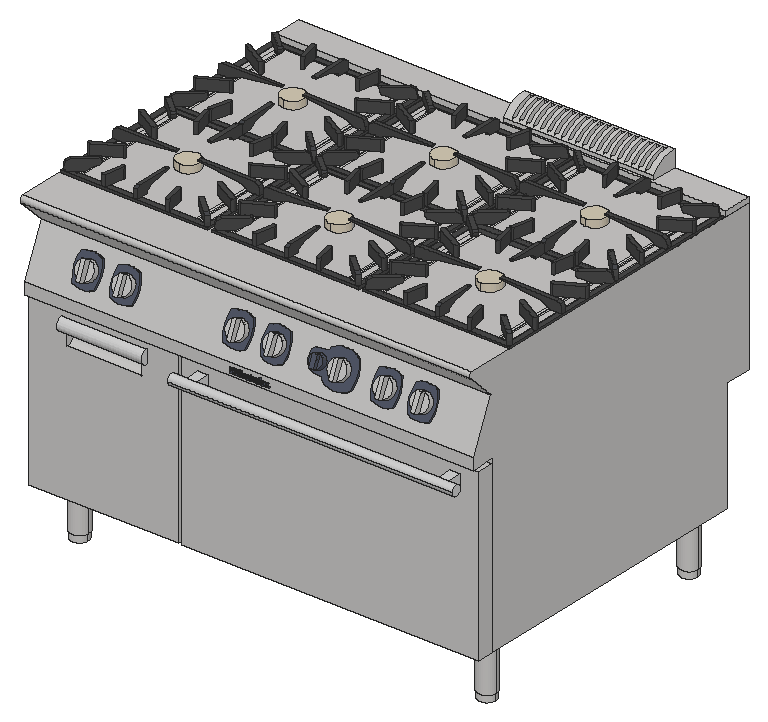
Revit family "QF_ELECTROLUXPROFESSIONAL_391462_E9AANABFMIE", category Attrezzature speciali, Revit 2018
Family settings
  Quota connettore circolare = Usa diametro
  Tipo di parte = Normale
  Basato su piano di lavoro = No
  Sempre verticale = Sì
  Taglio con vuoti quando caricato = No
  Condiviso = No
  Punto di calcolo locali = No
Parameters (values of type "Standard")
  Weight = 156.00 kg
  Watts = 0 W
  Volts = 0 V
  URL Manufacturer = "https://www.electroluxprofessional.com/"
  URL = "https://www.electroluxprofessional.com/"
  Steam Supply Size = 0"
  Steam Supply Minimum Pressure = 0.00 psi
  Steam Supply Maximum Pressure = 0.00 psi
  Steam Consumption per Hour = 0
  Show Logo [instance] = yes
  Show Clearance [instance] = yes
  Refrigeration Suction Line Size = 0 mm
  Refrigeration Liquid Line Size = 0 mm
  Refrigerant Compressor Remote = yes
  Phase = 0
  Modello = "E9AANABFMIE"
  Produttore = "Electrolux Professional"
  Length Actual = 1200 mm  # constant formula
  Item Number = "391462"
  Hot Water Size = 0"
  Height Actual = 850 mm  # constant formula
  HP = "0 HP"
  Gas Size = 1/2"
  Gas KW = 52.5
  Gas Input Pressure = 1.36309 Btu/h
  Direct Waste Size = 0"
  Descrizione = "6-BURNER GAS RANGE+OVEN+CUPBOARD 1200MM - 3MM WORKTOP"
  Depth Actual = 930 mm  # constant formula
  Cycle = 0 Hz
  Condensate Return Size = 0"
  Compressed Air Volume = 0 GPM
  Compressed Air Size = 0"
  Compressed Air Pressure = 0.00 psi
  Cold Water Size = 0"
  Assembly Code = ""
  Accessory = yes
Values of the unnamed type that differ from the named types
  Weight = 0.00 kg
  URL Manufacturer = ""
  Item Number = ""
  HP = ""
  Gas KW = 0
  Gas Input Pressure = 0.0 Btu/h
Reference planes
  plane 1 "BACK": y = 0
  plane 2: z = 0
  plane 3 "LEFT": x = 0
  plane 4 "RIGHT": x = 1200
  plane 5 "FRONT": y = -700
  plane 6 "TOP": z = 908.9
  plane 7 "Center Y": x = 600
  plane 8 "Center X": y = -350
  plane 9 "Base": z = 150
  plane 10: z = 850.9
  plane 11: y = -930
  plane 12: y = -1109
  plane 13: y = -128
  plane 14: y = -802
  plane 15: y = -1309
  plane 16: y = -665
Forms (mm)
  Extrusion 1, solid, material "QF_Finishes_Stainless Steel"
    sketch origin (0, 0, 0) x (0, 1, 0) y (0, 0, 1)
      loop
        line (0, 450) -> (0, 850.9) -> (-921.37, 850.9)
        arc (-921.37, 850.9) -> (-929.343, 845.573) -> (-927.472, 836.168) r 8.63
        line (-927.472, 836.168) -> (-858.266, 766.833) -> (-915.833, 641.476) -> (-915.833, 610.179) -> (-855.839, 614.875)
        arc (-855.839, 614.875) -> (-853.314, 614.127) -> (-852.222, 611.731) r 3.175
        line (-852.222, 611.731) -> (-852.222, 150) -> (-71, 150) -> (-71, 450) -> (0, 450)
    from 0 to 1200
  Extrusion 2, solid, material "QF_Finishes_Stainless Steel"
    sketch origin (0, -852.222, 611.731) x (0, 0, -1) y (1, 0, 0)
      loop
        line (461.731, 408.5) -> (461.731, 1200) -> (9.61, 1200) -> (9.61, 408.5) -> (461.731, 408.5)
      loop
        line (461.731, 0) -> (461.731, 400.5) -> (9.61, 400.5) -> (9.61, 0) -> (461.731, 0)
      loop
        line (95.781, 100.253) -> (95.781, 300.8) -> (44.981, 300.8) -> (44.981, 100.253) -> (95.781, 100.253)
    from 3.175 to 47.778
  Extrusion 3, solid, material "QF_Finishes_Stainless Steel"
    sketch origin (0, 0, 0) x (0, -1, 0) y (0, 0, 1)
      loop
        line (0, 850.9) -> (76.2, 850.9) -> (76.2, 865.188) -> (0, 865.188) -> (0, 850.9)
    from 0 to -1200
  Extrusion 4, solid, material "QF_Finishes_Stainless Steel"
    sketch origin (0, -852.222, 150) x (1, 0, 0) y (0, -1, 0)
      loop
        circle (1149, -187.222) r 6.4
    from 0 to 21
  Extrusion 5, solid, material "QF_Door-Drawer Clearances", visible <- "Show Clearance", detail levels coarse
    sketch origin (0, -200, 0) x (0, 1, 0) y (0, 0, 1)
      loop
        line (-1109, 150) -> (-700, 150) -> (-700, 601.405)
        arc (-700, 601.405) -> (-991.543, 454.568) -> (-1109, 150) r 453.603
    from 0 to 1200
  Extrusion 6, solid, material "QF_Clearances", visible <- "Show Clearance", detail levels coarse
    sketch origin (0, -200, 0) x (1, 0, 0) y (0, 1, 0)
      loop
        line (-100, -730) -> (0, -730) -> (0, 200) -> (1200, 200) -> (1200, -730) -> (1300, -730) -> (1300, 300) -> (-100, 300) -> (-100, -730)
    from 0 to 908.85
  Extrusion 7, solid, material "QF_Finishes_Handrails and Railings"
    sketch origin (400, -200, 0) x (0, 1, 0) y (0, 0, 1)
      loop
        line (-700, 580.001) -> (-738.549, 577.296)
        arc (-738.549, 577.296) -> (-739.742, 563.489) -> (-752.852, 558.993) r 12.7
        arc (-752.852, 558.993) -> (-752.311, 558.176) -> (-751.712, 557.401) r 13.441
        arc (-751.712, 557.401) -> (-749.907, 555.955) -> (-747.68, 555.335) r 5.77
        line (-747.68, 555.335) -> (-700, 551.992) -> (-700, 580.001)
    from 50.8 to 76.2
  Extrusion 8, solid, material "QF_Finishes_Handrails and Railings"
    sketch origin (1200, -200, 0) x (0, 1, 0) y (0, 0, -1)
      loop
        line (-700, -580.001) -> (-700, -551.992) -> (-747.68, -555.335)
        arc (-747.68, -555.335) -> (-749.907, -555.955) -> (-751.712, -557.401) r 5.77
        arc (-751.712, -557.401) -> (-752.311, -558.176) -> (-752.852, -558.993) r 13.441
        arc (-752.852, -558.993) -> (-739.742, -563.489) -> (-738.549, -577.296) r 12.7
        line (-738.549, -577.296) -> (-700, -580.001)
    from 50.8 to 76.2
  Extrusion 9, solid, material "QF_Finishes_Handrails and Railings"
    sketch origin (400, -200, 0) x (0, 1, 0) y (0, 0, 1)
      loop
        circle (-749.749, 571.309) r 12.7
    from 19.875 to 780.125
  Extrusion 10, solid, material "QF_Finishes_Handrails and Railings"
    sketch origin (177.525, -643.896, 1933.213) x (0, 0.885087, 0.465426) y (0, -0.465426, 0.885087)
      loop
        arc (-854.629, -1074.965) -> (-878.641, -1082.427) -> (-871.18, -1106.439) r 17.78
        line (-871.18, -1106.439) -> (-854.629, -1074.965)
    from -89.972 to 135.975
  Extrusion 11, solid, material "QF_Finishes_Stainless Steel"
    sketch origin (-22.5, -200, 28.959) x (0, 1, 0) y (0, 0, 1)
      loop
        line (-700, 486.991) -> (-657.087, 486.991) -> (-657.087, 537.791) -> (-678.147, 537.791) -> (-678.147, 511.464)
        arc (-678.147, 511.464) -> (-684.405, 495.059) -> (-700, 486.991) r 24.63
    from 122.753 to 323.3
  Extrusion 12, solid, material "QF_Finishes_Navy Blue"
    sketch origin (405.244, -913.772, 646.186) x (0, 0.418102, 0.9084) y (-1, 0, 0)
      loop
        arc (102.623, -510.47) -> (67.041, -502.846) -> (31.333, -509.853) r 90.5
        arc (31.333, -509.853) -> (24.507, -539.04) -> (31.333, -568.228) r 65.817
        arc (31.333, -568.228) -> (67.04, -575.188) -> (102.623, -567.615) r 91.066
        arc (102.623, -567.615) -> (109.179, -539.043) -> (102.623, -510.47) r 65.546
    from 0 to 3.175
  Extrusion 13, solid, material "QF_Finishes_Stainless Steel"
    sketch origin (783.994, -917.485, 645.711) x (0, 0.418102, 0.9084) y (-1, 0, 0)
      loop
        circle (68.826, -160.963) r 25.4
    from 0 to 12.7
  Extrusion 14, solid, material "QF_Finishes_Stainless Steel"
    sketch origin (783.994, -929.022, 651.021) x (0, 0.418102, 0.9084) y (-1, 0, 0)
      loop
        arc (93.558, -166.749) -> (94.226, -160.963) -> (93.558, -155.177) r 25.4
        line (93.558, -155.177) -> (44.094, -155.177)
        arc (44.094, -155.177) -> (43.426, -160.963) -> (44.094, -166.749) r 25.4
        line (44.094, -166.749) -> (93.558, -166.749)
    from 0 to 12.7
  Extrusion 15, solid, material "QF_Finishes_Navy Blue"
    sketch origin (282.787, -913.772, 646.186) x (0, 0.418102, 0.9084) y (-1, 0, 0)
      loop
        arc (104.355, -502.587) -> (101.326, -501.258) -> (98.25, -500.039) r 91.066
        arc (98.25, -500.039) -> (96.592, -482.449) -> (93.213, -465.107) r 179.528
        arc (93.213, -465.107) -> (69.244, -452.795) -> (45.274, -465.107) r 29.489
        arc (45.274, -465.107) -> (38.909, -481.441) -> (37.449, -498.912) r 61.044
        arc (37.449, -498.912) -> (34.471, -499.962) -> (31.532, -501.116) r 91.066
        arc (31.532, -501.116) -> (19.517, -540.223) -> (32.929, -578.873) r 65.817
        arc (32.929, -578.873) -> (68.105, -585.173) -> (102.996, -577.452) r 91.066
        arc (102.996, -577.452) -> (115.418, -540.233) -> (104.355, -502.587) r 65.546
    from 0 to 3.175
  Extrusion 16, solid, material "QF_Finishes_Stainless Steel"
    sketch origin (661.537, -917.485, 645.711) x (0, 0.418102, 0.9084) y (-1, 0, 0)
      loop
        circle (68.826, -160.963) r 25.4
    from 0 to 12.7
  Extrusion 17, solid, material "QF_Finishes_Stainless Steel"
    sketch origin (661.537, -929.022, 651.021) x (0, 0.418102, 0.9084) y (-1, 0, 0)
      loop
        arc (93.558, -166.749) -> (94.226, -160.963) -> (93.558, -155.177) r 25.4
        line (93.558, -155.177) -> (44.094, -155.177)
        arc (44.094, -155.177) -> (43.426, -160.963) -> (44.094, -166.749) r 25.4
        line (44.094, -166.749) -> (93.558, -166.749)
    from 0 to 12.7
  Extrusion 18, solid, material "QF_Finishes_Navy Blue"
    sketch origin (604.037, -917.485, 645.711) x (0, 0.418102, 0.9084) y (-1, 0, 0)
      loop
        circle (68.826, -160.963) r 18.37
    from 0 to 12.7
  Extrusion 19, solid, material "QF_Finishes_Navy Blue"
    sketch origin (602.746, -929.022, 651.021) x (0, 0.418102, 0.9084) y (-1, 0, 0)
      loop
        arc (84.808, -167.687) -> (85.476, -161.901) -> (84.808, -156.114) r 25.4
        line (84.808, -156.114) -> (52.844, -156.114)
        arc (52.844, -156.114) -> (52.176, -161.901) -> (52.844, -167.687) r 25.4
        line (52.844, -167.687) -> (84.808, -167.687)
    from 0 to 8.112
  Extrusion 20, solid, material "QF_Finishes_Navy Blue"
    sketch origin (-392.256, -913.772, 646.186) x (0, 0.418102, 0.9084) y (-1, 0, 0)
      loop
        arc (102.623, -510.47) -> (67.041, -502.846) -> (31.333, -509.853) r 90.5
        arc (31.333, -509.853) -> (24.507, -539.04) -> (31.333, -568.228) r 65.817
        arc (31.333, -568.228) -> (67.04, -575.188) -> (102.623, -567.615) r 91.066
        arc (102.623, -567.615) -> (109.179, -539.043) -> (102.623, -510.47) r 65.546
    from 0 to 3.175
  Extrusion 21, solid, material "QF_Finishes_Stainless Steel"
    sketch origin (-13.506, -917.485, 645.711) x (0, 0.418102, 0.9084) y (-1, 0, 0)
      loop
        circle (68.826, -160.963) r 25.4
    from 0 to 12.7
  Extrusion 22, solid, material "QF_Finishes_Stainless Steel"
    sketch origin (-13.506, -929.022, 651.021) x (0, 0.418102, 0.9084) y (-1, 0, 0)
      loop
        arc (93.558, -166.749) -> (94.226, -160.963) -> (93.558, -155.177) r 25.4
        line (93.558, -155.177) -> (44.094, -155.177)
        arc (44.094, -155.177) -> (43.426, -160.963) -> (44.094, -166.749) r 25.4
        line (44.094, -166.749) -> (93.558, -166.749)
    from 0 to 12.7
  Extrusion 23, solid, material "QF_Finishes_Navy Blue"
    sketch origin (-292.256, -913.772, 646.186) x (0, 0.418102, 0.9084) y (-1, 0, 0)
      loop
        arc (102.623, -510.47) -> (67.041, -502.846) -> (31.333, -509.853) r 90.5
        arc (31.333, -509.853) -> (24.507, -539.04) -> (31.333, -568.228) r 65.817
        arc (31.333, -568.228) -> (67.04, -575.188) -> (102.623, -567.615) r 91.066
        arc (102.623, -567.615) -> (109.179, -539.043) -> (102.623, -510.47) r 65.546
    from 0 to 3.175
  Extrusion 24, solid, material "QF_Finishes_Stainless Steel"
    sketch origin (86.494, -917.485, 645.711) x (0, 0.418102, 0.9084) y (-1, 0, 0)
      loop
        circle (68.826, -160.963) r 25.4
    from 0 to 12.7
  Extrusion 25, solid, material "QF_Finishes_Stainless Steel"
    sketch origin (86.494, -929.022, 651.021) x (0, 0.418102, 0.9084) y (-1, 0, 0)
      loop
        arc (93.558, -166.749) -> (94.226, -160.963) -> (93.558, -155.177) r 25.4
        line (93.558, -155.177) -> (44.094, -155.177)
        arc (44.094, -155.177) -> (43.426, -160.963) -> (44.094, -166.749) r 25.4
        line (44.094, -166.749) -> (93.558, -166.749)
    from 0 to 12.7
  Extrusion 26, solid, material "QF_Finishes_Stainless Steel"
    sketch origin (202.4, -200, 590.5) x (0, 1, 0) y (0, 0, 1)
      loop
        line (200, 274.688) -> (200, 318.4)
        arc (200, 318.4) -> (160.928, 309.779) -> (130.15, 284.212) r 84.854
        line (130.15, 284.212) -> (130.15, 274.688) -> (200, 274.688)
    from 400 to 800
  Extrusion 27, solid, material "QF_Finishes_Navy Blue"
    sketch origin (502.744, -913.772, 646.186) x (0, 0.418102, 0.9084) y (-1, 0, 0)
      loop
        arc (102.623, -510.47) -> (67.041, -502.846) -> (31.333, -509.853) r 90.5
        arc (31.333, -509.853) -> (24.507, -539.04) -> (31.333, -568.228) r 65.817
        arc (31.333, -568.228) -> (67.04, -575.188) -> (102.623, -567.615) r 91.066
        arc (102.623, -567.615) -> (109.179, -539.043) -> (102.623, -510.47) r 65.546
    from 0 to 3.175
  Extrusion 28, solid, material "QF_Finishes_Stainless Steel"
    sketch origin (881.494, -917.485, 645.711) x (0, 0.418102, 0.9084) y (-1, 0, 0)
      loop
        circle (68.826, -160.963) r 25.4
    from 0 to 12.7
  Extrusion 29, solid, material "QF_Finishes_Stainless Steel"
    sketch origin (881.494, -929.022, 651.021) x (0, 0.418102, 0.9084) y (-1, 0, 0)
      loop
        arc (93.558, -166.749) -> (94.226, -160.963) -> (93.558, -155.177) r 25.4
        line (93.558, -155.177) -> (44.094, -155.177)
        arc (44.094, -155.177) -> (43.426, -160.963) -> (44.094, -166.749) r 25.4
        line (44.094, -166.749) -> (93.558, -166.749)
    from 0 to 12.7
  Extrusion 30, solid, material "QF_Finishes_Navy Blue"
    sketch origin (10.244, -913.772, 646.186) x (0, 0.418102, 0.9084) y (-1, 0, 0)
      loop
        arc (102.623, -510.47) -> (67.041, -502.846) -> (31.333, -509.853) r 90.5
        arc (31.333, -509.853) -> (24.507, -539.04) -> (31.333, -568.228) r 65.817
        arc (31.333, -568.228) -> (67.04, -575.188) -> (102.623, -567.615) r 91.066
        arc (102.623, -567.615) -> (109.179, -539.043) -> (102.623, -510.47) r 65.546
    from 0 to 3.175
  Extrusion 31, solid, material "QF_Finishes_Stainless Steel"
    sketch origin (388.994, -917.485, 645.711) x (0, 0.418102, 0.9084) y (-1, 0, 0)
      loop
        circle (68.826, -160.963) r 25.4
    from 0 to 12.7
  Extrusion 32, solid, material "QF_Finishes_Stainless Steel"
    sketch origin (388.994, -929.022, 651.021) x (0, 0.418102, 0.9084) y (-1, 0, 0)
      loop
        arc (93.558, -166.749) -> (94.226, -160.963) -> (93.558, -155.177) r 25.4
        line (93.558, -155.177) -> (44.094, -155.177)
        arc (44.094, -155.177) -> (43.426, -160.963) -> (44.094, -166.749) r 25.4
        line (44.094, -166.749) -> (93.558, -166.749)
    from 0 to 12.7
  Extrusion 33, solid, material "QF_Finishes_Navy Blue"
    sketch origin (110.244, -913.772, 646.186) x (0, 0.418102, 0.9084) y (-1, 0, 0)
      loop
        arc (102.623, -510.47) -> (67.041, -502.846) -> (31.333, -509.853) r 90.5
        arc (31.333, -509.853) -> (24.507, -539.04) -> (31.333, -568.228) r 65.817
        arc (31.333, -568.228) -> (67.04, -575.188) -> (102.623, -567.615) r 91.066
        arc (102.623, -567.615) -> (109.179, -539.043) -> (102.623, -510.47) r 65.546
    from 0 to 3.175
  Extrusion 34, solid, material "QF_Finishes_Stainless Steel"
    sketch origin (488.994, -917.485, 645.711) x (0, 0.418102, 0.9084) y (-1, 0, 0)
      loop
        circle (68.826, -160.963) r 25.4
    from 0 to 12.7
  Extrusion 35, solid, material "QF_Finishes_Stainless Steel"
    sketch origin (488.994, -929.022, 651.021) x (0, 0.418102, 0.9084) y (-1, 0, 0)
      loop
        arc (93.558, -166.749) -> (94.226, -160.963) -> (93.558, -155.177) r 25.4
        line (93.558, -155.177) -> (44.094, -155.177)
        arc (44.094, -155.177) -> (43.426, -160.963) -> (44.094, -166.749) r 25.4
        line (44.094, -166.749) -> (93.558, -166.749)
    from 0 to 12.7
  Extrusion 36, solid, material "QF_Finishes_Navy Blue", visible <- "Show Logo"
    sketch origin (261.109, -915.962, 610.773) x (0, 0, 1) y (-1, 0, 0)
      loop
        line (20.674, -296.698) -> (8.307, -296.698)
        arc (8.307, -296.698) -> (14.491, -301.27) -> (20.674, -296.698) r 6.467
      loop
        arc (20.674, -296.069) -> (19.505, -290.926) -> (14.849, -288.448) r 6.338
        line (14.849, -288.448) -> (14.849, -290.494)
        arc (14.849, -290.494) -> (16.333, -294.149) -> (19.778, -296.069) r 5.941
        line (19.778, -296.069) -> (20.674, -296.069)
      loop
        arc (9.203, -296.069) -> (12.648, -294.149) -> (14.132, -290.494) r 5.941
        line (14.132, -290.494) -> (14.132, -288.448)
        arc (14.132, -288.448) -> (9.438, -290.922) -> (8.148, -296.069) r 6.504
        line (8.148, -296.069) -> (9.203, -296.069)
      loop
        line (21.349, -287.979) -> (7.604, -287.979) -> (7.604, -301.742) -> (21.349, -301.742) -> (21.349, -287.979)
      loop
        arc (21.432, -304.71) -> (21.085, -304.352) -> (20.718, -304.69) r 0.358
        arc (20.718, -304.69) -> (20.404, -305.44) -> (19.687, -305.825) r 1.216
        line (19.687, -305.825) -> (9.274, -305.825)
        arc (9.274, -305.825) -> (8.614, -305.548) -> (8.218, -304.951) r 1.238
        arc (8.218, -304.951) -> (7.823, -304.7) -> (7.518, -305.054) r 0.358
        line (7.518, -305.054) -> (7.518, -314.933) -> (10.269, -314.933) -> (10.269, -314.036)
        arc (10.269, -314.036) -> (9.36, -313.456) -> (8.904, -312.479) r 1.928
        line (8.904, -312.479) -> (8.904, -309.98)
        arc (8.904, -309.98) -> (9.18, -309.251) -> (9.868, -308.887) r 1.101
        line (9.868, -308.887) -> (13.955, -308.887) -> (13.955, -312.561)
        arc (13.955, -312.561) -> (13.602, -313.058) -> (13.037, -313.286) r 1.083
        arc (13.037, -313.286) -> (12.773, -313.591) -> (13.065, -313.869) r 0.292
        line (13.065, -313.869) -> (16.028, -313.869)
        arc (16.028, -313.869) -> (16.33, -313.596) -> (16.092, -313.266) r 0.305
        arc (16.092, -313.266) -> (15.601, -313.018) -> (15.296, -312.561) r 1.083
        line (15.296, -312.561) -> (15.296, -308.887) -> (19.973, -308.887) -> (19.973, -312.635)
        arc (19.973, -312.635) -> (19.759, -313.39) -> (19.153, -313.888) r 1.314
        arc (19.153, -313.888) -> (18.934, -314.292) -> (19.288, -314.585) r 0.361
        line (19.288, -314.585) -> (21.432, -314.585) -> (21.432, -304.71)
      loop
        arc (20.715, -315.365) -> (20.335, -316.284) -> (19.416, -316.664) r 1.299
        line (19.416, -316.664) -> (9.837, -316.664)
        arc (9.837, -316.664) -> (8.999, -316.286) -> (8.728, -315.408) r 1.118
        line (8.728, -315.408) -> (7.518, -315.408) -> (7.518, -320.758) -> (8.706, -320.758)
        arc (8.706, -320.758) -> (8.978, -319.841) -> (9.848, -319.445) r 1.153
        line (9.848, -319.445) -> (21.92, -319.445) -> (20.715, -315.365)
      loop
        line (12.483, -323.394) -> (12.483, -329.842) -> (13.282, -329.842)
        arc (13.282, -329.842) -> (15.862, -328.857) -> (17.131, -326.404) r 3.874
        line (17.131, -326.404) -> (17.131, -324.643)
        arc (17.131, -324.643) -> (15.944, -321.778) -> (13.08, -320.592) r 4.051
        line (13.08, -320.592) -> (11.072, -320.592)
        arc (11.072, -320.592) -> (8.253, -322.077) -> (7.202, -325.084) r 4.352
        arc (7.202, -325.084) -> (7.566, -327.547) -> (8.943, -329.621) r 5.713
        line (8.943, -329.621) -> (9.892, -329.621)
        arc (9.892, -329.621) -> (9.16, -328.052) -> (8.943, -326.334) r 5.579
        arc (8.943, -326.334) -> (9.737, -324.371) -> (11.616, -323.394) r 3.057
        line (11.616, -323.394) -> (12.483, -323.394)
      loop
        line (13.742, -323.394) -> (13.742, -326.977)
        arc (13.742, -326.977) -> (15.199, -327.024) -> (16.082, -325.864) r 1.59
        line (16.082, -325.864) -> (16.082, -325.034)
        arc (16.082, -325.034) -> (15.217, -323.779) -> (13.742, -323.394) r 2.184
      loop
        arc (16.533, -339.259) -> (17.022, -337.585) -> (17.179, -335.848) r 9.023
        line (17.179, -335.848) -> (17.179, -334.486)
        arc (17.179, -334.486) -> (16.02, -331.686) -> (13.22, -330.527) r 3.959
        line (13.22, -330.527) -> (10.62, -330.527)
        arc (10.62, -330.527) -> (8.338, -331.819) -> (7.221, -334.192) r 4.331
        line (7.221, -334.192) -> (7.221, -336.327)
        arc (7.221, -336.327) -> (7.729, -337.877) -> (8.651, -339.223) r 5.772
        arc (8.651, -339.223) -> (9.412, -339.274) -> (9.499, -338.515) r 0.553
        arc (9.499, -338.515) -> (9.111, -337.781) -> (8.977, -336.962) r 2.573
        line (8.977, -336.962) -> (8.977, -335.447)
        arc (8.977, -335.447) -> (9.983, -333.806) -> (11.798, -333.163) r 2.884
        line (11.798, -333.163) -> (13.077, -333.163)
        arc (13.077, -333.163) -> (14.898, -333.723) -> (15.824, -335.388) r 2.554
        line (15.824, -335.388) -> (15.824, -336.441)
        arc (15.824, -336.441) -> (15.493, -337.369) -> (14.836, -338.104) r 2.564
        arc (14.836, -338.104) -> (14.614, -338.821) -> (15.223, -339.259) r 0.643
        line (15.223, -339.259) -> (16.533, -339.259)
      loop
        line (15.515, -339.53) -> (15.515, -341.031) -> (9.467, -341.031)
        arc (9.467, -341.031) -> (7.879, -341.688) -> (7.221, -343.276) r 2.246
        line (7.221, -343.276) -> (7.221, -344.86)
        arc (7.221, -344.86) -> (7.535, -345.725) -> (8.035, -346.496) r 4.06
        arc (8.035, -346.496) -> (8.768, -346.629) -> (9.019, -345.928) r 0.576
        arc (9.019, -345.928) -> (8.913, -345.403) -> (8.977, -344.87) r 1.69
        arc (8.977, -344.87) -> (9.519, -344.082) -> (10.425, -343.779) r 1.506
        line (10.425, -343.779) -> (15.563, -343.779) -> (15.563, -346.176) -> (16.119, -346.733) -> (16.941, -346.733) -> (16.941, -343.873) -> (20.172, -343.873) -> (15.515, -339.53)
      loop
        line (7.438, -347.63) -> (7.438, -353.017) -> (8.548, -353.017)
        arc (8.548, -353.017) -> (8.942, -352.066) -> (9.893, -351.672) r 1.345
        line (9.893, -351.672) -> (13.509, -351.672)
        arc (13.509, -351.672) -> (14.274, -352.264) -> (14.564, -353.186) r 1.615
        line (14.564, -353.186) -> (14.564, -354.742) -> (17.119, -355.427) -> (17.119, -354.044) -> (15.177, -351.485) -> (17.057, -351.485) -> (16.773, -348.779)
        arc (16.773, -348.779) -> (16.333, -348.249) -> (15.674, -348.45) r 0.621
        arc (15.674, -348.45) -> (15.274, -348.792) -> (14.78, -348.975) r 1.501
        line (14.78, -348.975) -> (9.893, -348.975)
        arc (9.893, -348.975) -> (8.942, -348.581) -> (8.548, -347.63) r 1.345
        line (8.548, -347.63) -> (7.438, -347.63)
      loop
        line (13.54, -354.964) -> (10.848, -354.964)
        arc (10.848, -354.964) -> (8.403, -356.272) -> (7.269, -358.803) r 4.288
        arc (7.269, -358.803) -> (7.205, -360.183) -> (7.269, -361.563) r 15.022
        arc (7.269, -361.563) -> (8.403, -364.094) -> (10.848, -365.401) r 4.288
        line (10.848, -365.401) -> (13.54, -365.401)
        arc (13.54, -365.401) -> (15.986, -364.094) -> (17.119, -361.563) r 4.288
        arc (17.119, -361.563) -> (17.183, -360.183) -> (17.119, -358.803) r 15.022
        arc (17.119, -358.803) -> (15.986, -356.272) -> (13.54, -354.964) r 4.288
      loop
        line (13.745, -358.078) -> (10.643, -358.078)
        arc (10.643, -358.078) -> (8.486, -360.235) -> (10.643, -362.392) r 2.157
        line (10.643, -362.392) -> (13.745, -362.392)
        arc (13.745, -362.392) -> (15.902, -360.235) -> (13.745, -358.078) r 2.157
      loop
        arc (20.726, -365.26) -> (20.355, -366.154) -> (19.461, -366.524) r 1.264
        line (19.461, -366.524) -> (9.597, -366.524)
        arc (9.597, -366.524) -> (8.727, -366.127) -> (8.455, -365.211) r 1.153
        line (8.455, -365.211) -> (7.518, -365.211) -> (7.518, -370.319) -> (8.446, -370.319)
        arc (8.446, -370.319) -> (8.805, -369.547) -> (9.597, -369.232) r 1.153
        line (9.597, -369.232) -> (21.92, -369.232) -> (20.726, -365.26)
      loop
        arc (15.846, -369.857) -> (15.647, -370.921) -> (14.678, -371.403) r 1.215
        line (14.678, -371.403) -> (9.658, -371.403)
        arc (9.658, -371.403) -> (8.043, -372.051) -> (7.322, -373.634) r 2.338
        line (7.322, -373.634) -> (7.322, -375.148)
        arc (7.322, -375.148) -> (7.497, -376.152) -> (7.999, -377.038) r 2.979
        line (7.999, -377.038) -> (7.518, -378.835) -> (7.518, -380.524) -> (16.943, -380.524) -> (16.649, -376.32) -> (15.863, -376.32)
        arc (15.863, -376.32) -> (15.507, -377.156) -> (14.755, -377.665) r 1.605
        line (14.755, -377.665) -> (9.652, -377.665)
        arc (9.652, -377.665) -> (9.232, -376.728) -> (9.159, -375.704) r 2.94
        arc (9.159, -375.704) -> (9.72, -374.603) -> (10.873, -374.16) r 1.724
        line (10.873, -374.16) -> (17.07, -374.16) -> (15.846, -369.857)
      loop
        line (16.874, -381.377) -> (15.202, -383.423) -> (12.028, -385.729) -> (8.572, -382.617)
        arc (8.572, -382.617) -> (8.335, -382.223) -> (8.357, -381.764) r 0.789
        line (8.357, -381.764) -> (7.518, -381.764) -> (7.518, -385.309) -> (8.344, -385.309)
        arc (8.344, -385.309) -> (8.686, -384.947) -> (9.176, -385.039) r 0.52
        line (9.176, -385.039) -> (10.976, -386.51) -> (8.858, -387.886)
        arc (8.858, -387.886) -> (8.457, -387.576) -> (8.37, -387.076) r 0.7
        line (8.37, -387.076) -> (7.518, -387.076) -> (7.518, -393.003) -> (8.405, -393.003)
        arc (8.405, -393.003) -> (8.472, -392.344) -> (8.866, -391.813) r 1.247
        line (8.866, -391.813) -> (13.066, -388.532) -> (15.513, -390.585) -> (16.874, -392.327) -> (16.874, -388.604) -> (15.389, -389.026) -> (13.868, -387.749) -> (15.568, -386.559) -> (16.874, -387.336) -> (16.874, -381.377)
    from 0 to 1.644
  Revolve 37, solid, material "QF_Finishes_Stainless Steel"
    sketch origin (1, -128, 0) x (1, 0, 0) y (0, 0, 1)
      loop
        line (55, 0) -> (55, 150) -> (29.6, 150) -> (29.6, 19.05) -> (32.1, 19.05) -> (32.1, 0) -> (55, 0)
      axis (55, 0) -> (55, 150)
    angle from 0 to 360
  Revolve 38, solid, material "QF_Finishes_Stainless Steel"
    sketch origin (799, -128, 0) x (-1, 0, 0) y (0, 0, -1)
      loop
        line (-345, 0) -> (-367.9, 0) -> (-367.9, -19.05) -> (-370.4, -19.05) -> (-370.4, -150) -> (-345, -150) -> (-345, 0)
      axis (-345, 0) -> (-345, -150)
    angle from 0 to 360
  Revolve 39, solid, material "QF_Finishes_Stainless Steel"
    sketch origin (1, -802, 0) x (1, 0, 0) y (0, 0, 1)
      loop
        line (55, 0) -> (55, 150) -> (29.6, 150) -> (29.6, 19.05) -> (32.1, 19.05) -> (32.1, 0) -> (55, 0)
      axis (55, 0) -> (55, 150)
    angle from 0 to 360
  Revolve 40, solid, material "QF_Finishes_Stainless Steel"
    sketch origin (799, -802, 0) x (-1, 0, 0) y (0, 0, -1)
      loop
        line (-345, 0) -> (-367.9, 0) -> (-367.9, -19.05) -> (-370.4, -19.05) -> (-370.4, -150) -> (-345, -150) -> (-345, 0)
      axis (-345, 0) -> (-345, -150)
    angle from 0 to 360
  Extrusion 41, solid, material "QF_Finishes_Stainless Steel"
    sketch origin (0, -852.222, 150) x (1, 0, 0) y (0, -1, 0)
      loop
        circle (1157, -276.222) r 12.7
    from 0 to 5
  Extrusion 42, void
    sketch origin (-62.611, 0, 865.138) x (-1, 0, 0) y (0, -1, 0)
      loop
        line (-695.005, 6.761) -> (-685.709, 6.761) -> (-685.709, 63.911) -> (-695.005, 63.911) -> (-695.005, 6.761)
      loop
        line (-713.697, 6.761) -> (-704.401, 6.761) -> (-704.401, 63.911) -> (-713.697, 63.911) -> (-713.697, 6.761)
      loop
        line (-732.39, 6.761) -> (-723.094, 6.761) -> (-723.094, 63.911) -> (-732.39, 63.911) -> (-732.39, 6.761)
      loop
        line (-751.082, 6.761) -> (-741.787, 6.761) -> (-741.787, 63.911) -> (-751.082, 63.911) -> (-751.082, 6.761)
      loop
        line (-769.775, 6.761) -> (-760.479, 6.761) -> (-760.479, 63.911) -> (-769.775, 63.911) -> (-769.775, 6.761)
      loop
        line (-788.468, 6.761) -> (-779.172, 6.761) -> (-779.172, 63.911) -> (-788.468, 63.911) -> (-788.468, 6.761)
      loop
        line (-807.16, 6.761) -> (-797.864, 6.761) -> (-797.864, 63.911) -> (-807.16, 63.911) -> (-807.16, 6.761)
      loop
        line (-825.853, 6.761) -> (-816.557, 6.761) -> (-816.557, 63.911) -> (-825.853, 63.911) -> (-825.853, 6.761)
      loop
        line (-844.545, 6.761) -> (-835.25, 6.761) -> (-835.25, 63.911) -> (-844.545, 63.911) -> (-844.545, 6.761)
      loop
        line (-863.238, 6.761) -> (-853.942, 6.761) -> (-853.942, 63.911) -> (-863.238, 63.911) -> (-863.238, 6.761)
      loop
        line (-881.931, 6.761) -> (-872.635, 6.761) -> (-872.635, 63.911) -> (-881.931, 63.911) -> (-881.931, 6.761)
      loop
        line (-900.623, 6.761) -> (-891.328, 6.761) -> (-891.328, 63.911) -> (-900.623, 63.911) -> (-900.623, 6.761)
      loop
        line (-919.316, 6.761) -> (-910.02, 6.761) -> (-910.02, 63.911) -> (-919.316, 63.911) -> (-919.316, 6.761)
      loop
        line (-938.008, 6.761) -> (-928.713, 6.761) -> (-928.713, 63.911) -> (-938.008, 63.911) -> (-938.008, 6.761)
      loop
        line (-956.701, 6.761) -> (-947.405, 6.761) -> (-947.405, 63.911) -> (-956.701, 63.911) -> (-956.701, 6.761)
      loop
        line (-975.394, 6.761) -> (-966.098, 6.761) -> (-966.098, 63.911) -> (-975.394, 63.911) -> (-975.394, 6.761)
      loop
        line (-994.086, 6.761) -> (-984.791, 6.761) -> (-984.791, 63.911) -> (-994.086, 63.911) -> (-994.086, 6.761)
      loop
        line (-1012.779, 6.761) -> (-1003.483, 6.761) -> (-1003.483, 63.911) -> (-1012.779, 63.911) -> (-1012.779, 6.761)
      loop
        line (-1031.472, 6.761) -> (-1022.176, 6.761) -> (-1022.176, 63.911) -> (-1031.472, 63.911) -> (-1031.472, 6.761)
      loop
        line (-1050.164, 6.761) -> (-1040.868, 6.761) -> (-1040.868, 63.911) -> (-1050.164, 63.911) -> (-1050.164, 6.761)
    from 9.525 to 45.348
Cuts and joins
  Extrusion 42 cuts Extrusion 26
Lines and regions (mm)
  symbolic lines, style "QF_Door-Drawer Clearances"
    curve 1: line (0, -930, 150) -> (0, -1309, 150)
    curve 2: line (0, -1309, 150) -> (1200, -1309, 150)
    curve 3: line (1200, -1309, 150) -> (1200, -930, 150)
  symbolic lines
    curve 4: line (1200, -930, 150) -> (0, -930, 150)
    curve 5: line (0, 0, 150) -> (0, -930, 150)
    curve 6: line (1200, -930, 150) -> (1200, 0, 150)
    curve 7: line (0, 0, 150) -> (1200, 0, 150)
    curve 11: line (1180.125, -962.449, 150) -> (419.875, -962.449, 150)
    curve 12: line (1180.125, -937.049, 150) -> (1180.125, -962.449, 150)
    curve 13: line (1149.2, -938.549, 150) -> (1149.2, -930, 150)
    curve 14: line (1123.8, -938.549, 150) -> (1123.8, -930, 150)
    curve 15: line (1123.8, -938.549, 150) -> (1149.2, -938.549, 150)
    curve 16: line (419.875, -937.049, 150) -> (450.8, -937.049, 150)
    curve 17: line (1149.2, -937.049, 150) -> (1180.125, -937.049, 150)
    curve 18: line (632.394, -6.761, 150) -> (632.394, -63.911, 150)
    curve 19: line (632.394, -63.911, 150) -> (623.098, -63.911, 150)
    curve 20: line (623.098, -63.911, 150) -> (623.098, -6.761, 150)
    curve 21: line (623.098, -6.761, 150) -> (632.394, -6.761, 150)
    curve 22: line (838.012, -6.761, 150) -> (838.012, -63.911, 150)
    curve 23: line (838.012, -63.911, 150) -> (828.717, -63.911, 150)
    curve 24: line (828.717, -63.911, 150) -> (828.717, -6.761, 150)
    curve 25: line (828.717, -6.761, 150) -> (838.012, -6.761, 150)
    curve 26: line (819.32, -6.761, 150) -> (819.32, -63.911, 150)
    curve 27: line (819.32, -63.911, 150) -> (810.024, -63.911, 150)
    curve 28: line (810.024, -63.911, 150) -> (810.024, -6.761, 150)
    curve 29: line (810.024, -6.761, 150) -> (819.32, -6.761, 150)
    curve 30: line (800.627, -6.761, 150) -> (800.627, -63.911, 150)
    curve 31: line (800.627, -63.911, 150) -> (791.331, -63.911, 150)
    curve 32: line (791.331, -63.911, 150) -> (791.331, -6.761, 150)
    curve 33: line (791.331, -6.761, 150) -> (800.627, -6.761, 150)
    curve 34: line (781.934, -6.761, 150) -> (781.934, -63.911, 150)
    curve 35: line (781.934, -63.911, 150) -> (772.639, -63.911, 150)
    curve 36: line (772.639, -63.911, 150) -> (772.639, -6.761, 150)
    curve 37: line (772.639, -6.761, 150) -> (781.934, -6.761, 150)
    curve 38: line (763.242, -6.761, 150) -> (763.242, -63.911, 150)
    curve 39: line (763.242, -63.911, 150) -> (753.946, -63.911, 150)
    curve 40: line (753.946, -63.911, 150) -> (753.946, -6.761, 150)
    curve 41: line (753.946, -6.761, 150) -> (763.242, -6.761, 150)
    curve 42: line (744.549, -6.761, 150) -> (744.549, -63.911, 150)
    curve 43: line (744.549, -63.911, 150) -> (735.253, -63.911, 150)
    curve 44: line (735.253, -63.911, 150) -> (735.253, -6.761, 150)
    curve 45: line (735.253, -6.761, 150) -> (744.549, -6.761, 150)
    curve 46: line (725.857, -6.761, 150) -> (725.857, -63.911, 150)
    curve 47: line (725.857, -63.911, 150) -> (716.561, -63.911, 150)
    curve 48: line (716.561, -63.911, 150) -> (716.561, -6.761, 150)
    curve 49: line (716.561, -6.761, 150) -> (725.857, -6.761, 150)
    curve 50: line (707.164, -6.761, 150) -> (707.164, -63.911, 150)
    curve 51: line (707.164, -63.911, 150) -> (697.868, -63.911, 150)
    curve 52: line (697.868, -63.911, 150) -> (697.868, -6.761, 150)
    curve 53: line (697.868, -6.761, 150) -> (707.164, -6.761, 150)
    curve 54: line (688.471, -6.761, 150) -> (688.471, -63.911, 150)
    curve 55: line (688.471, -63.911, 150) -> (679.176, -63.911, 150)
    curve 56: line (679.176, -63.911, 150) -> (679.176, -6.761, 150)
    curve 57: line (679.176, -6.761, 150) -> (688.471, -6.761, 150)
    curve 58: line (669.779, -6.761, 150) -> (669.779, -63.911, 150)
    curve 59: line (669.779, -63.911, 150) -> (660.483, -63.911, 150)
    curve 60: line (660.483, -63.911, 150) -> (660.483, -6.761, 150)
    curve 61: line (660.483, -6.761, 150) -> (669.779, -6.761, 150)
    curve 62: line (651.086, -6.761, 150) -> (651.086, -63.911, 150)
    curve 63: line (651.086, -63.911, 150) -> (641.79, -63.911, 150)
    curve 64: line (641.79, -63.911, 150) -> (641.79, -6.761, 150)
    curve 65: line (641.79, -6.761, 150) -> (651.086, -6.761, 150)
    curve 66: line (987.553, -6.761, 150) -> (987.553, -63.911, 150)
    curve 67: line (987.553, -63.911, 150) -> (978.257, -63.911, 150)
    curve 68: line (978.257, -63.911, 150) -> (978.257, -6.761, 150)
    curve 69: line (978.257, -6.761, 150) -> (987.553, -6.761, 150)
    curve 70: line (968.861, -6.761, 150) -> (968.861, -63.911, 150)
    curve 71: line (968.861, -63.911, 150) -> (959.565, -63.911, 150)
    curve 72: line (959.565, -63.911, 150) -> (959.565, -6.761, 150)
    curve 73: line (959.565, -6.761, 150) -> (968.861, -6.761, 150)
    curve 74: line (950.168, -6.761, 150) -> (950.168, -63.911, 150)
    curve 75: line (950.168, -63.911, 150) -> (940.872, -63.911, 150)
    curve 76: line (940.872, -63.911, 150) -> (940.872, -6.761, 150)
    curve 77: line (940.872, -6.761, 150) -> (950.168, -6.761, 150)
    curve 78: line (931.475, -6.761, 150) -> (931.475, -63.911, 150)
    curve 79: line (931.475, -63.911, 150) -> (922.18, -63.911, 150)
    curve 80: line (922.18, -63.911, 150) -> (922.18, -6.761, 150)
    curve 81: line (922.18, -6.761, 150) -> (931.475, -6.761, 150)
    curve 82: line (912.783, -6.761, 150) -> (912.783, -63.911, 150)
    curve 83: line (912.783, -63.911, 150) -> (903.487, -63.911, 150)
    curve 84: line (903.487, -63.911, 150) -> (903.487, -6.761, 150)
    curve 85: line (903.487, -6.761, 150) -> (912.783, -6.761, 150)
    curve 86: line (894.09, -6.761, 150) -> (894.09, -63.911, 150)
    curve 87: line (894.09, -63.911, 150) -> (884.794, -63.911, 150)
    curve 88: line (884.794, -63.911, 150) -> (884.794, -6.761, 150)
    curve 89: line (884.794, -6.761, 150) -> (894.09, -6.761, 150)
    curve 90: line (875.397, -6.761, 150) -> (875.397, -63.911, 150)
    curve 91: line (875.397, -63.911, 150) -> (866.102, -63.911, 150)
    curve 92: line (866.102, -63.911, 150) -> (866.102, -6.761, 150)
    curve 93: line (866.102, -6.761, 150) -> (875.397, -6.761, 150)
    curve 94: line (856.705, -6.761, 150) -> (856.705, -63.911, 150)
    curve 95: line (856.705, -63.911, 150) -> (847.409, -63.911, 150)
    curve 96: line (847.409, -63.911, 150) -> (847.409, -6.761, 150)
    curve 97: line (847.409, -6.761, 150) -> (856.705, -6.761, 150)
    curve 98: line (1002.4, -69.85, 150) -> (1002.4, 0, 150)
    curve 99: line (602.4, -69.85, 150) -> (602.4, 0, 150)
    curve 100: line (450.8, -938.549, 150) -> (450.8, -930, 150)
    curve 101: line (476.2, -930, 150) -> (476.2, -938.549, 150)
    curve 102: line (419.875, -937.049, 150) -> (450.8, -937.049, 150)
    curve 103: line (419.875, -962.449, 150) -> (419.875, -937.049, 150)
    curve 104: line (450.8, -938.549, 150) -> (476.2, -938.549, 150)
    curve 105: line (476.2, -937.049, 150) -> (1123.8, -937.049, 150)
    curve 106: line (602.4, -69.85, 0) -> (1002.4, -69.85, 0)
    curve 107: line (0, -76.2, 0) -> (1200, -76.2, 0)
  symbolic lines, style "QF_Clearances", visible <- "Show Clearance", detail levels coarse
    curve 8: line (-100, -930, 150) -> (-100, 100, 150)
    curve 9: line (-100, 100, 150) -> (1300, 100, 150)
    curve 10: line (1300, 100, 150) -> (1300, -930, 150)
Dimensions and locks
  equal spacing: plane 3 "LEFT", plane 7 "Center Y", plane 4 "RIGHT"
  plane 3 "LEFT" to plane 4 "RIGHT" = 1200 mm
  equal spacing: plane 5 "FRONT", plane 8 "Center X", plane 1 "BACK"
  plane 11 to plane 1 "BACK" = 930 mm  (x2)
  plane 6 "TOP" to level = 908.9 mm
  plane 9 "Base" to level = 150 mm
  plane 6 "TOP" to plane 10 = 58 mm  (x3)
  plane 1 "BACK" to plane 11 = 930 mm
  plane 1 "BACK" to plane 12 = 1109 mm
  locked: Extrusion 1 sketch curve to plane 1 "BACK" at 71
  plane 13 to plane 1 "BACK" = 128 mm
  plane 9 "Base" to plane 2 = 150 mm
  plane 14 to plane 13 = 674 mm
  Extrusion 5 to plane 14 = 98 mm
  plane 15 to plane 1 "BACK" = 1309 mm
  Extrusion 5 to plane 1 "BACK" = 900 mm
  Extrusion 4 sketch curve to plane 1 "BACK" = 665 mm
  Extrusion 4 sketch curve to plane 4 "RIGHT" = 51 mm
  plane 16 to plane 1 "BACK" = 665 mm
  Extrusion 1 to plane 1 "BACK" = 71 mm
  plane 9 "Base" to Extrusion 1 = 300 mm
  plane 6 "TOP" to plane 2 = 908.9 mm
  plane 10 to plane 2 = 850.9 mm
  Extrusion 6 sketch curve to Extrusion 6 sketch curve = 100 mm
  aligned and locked: level to plane 2
  aligned and locked: plane 4 "RIGHT" to Extrusion 1
  aligned and locked: plane 4 "RIGHT" to Extrusion 3
Automatic sketch dimensions
  Extrusion 1 sketch curve to plane 10 = 0 mm
  Extrusion 1 sketch curve to plane 9 "Base" = 0 mm
  Extrusion 1 sketch curve to plane 1 "BACK" = 0 mm
  Extrusion 1 sketch curve to plane 14 = 50.222 mm
  Extrusion 1 sketch curve to Extrusion 1 sketch curve = 3.175 mm
  Extrusion 1 sketch curve to Extrusion 1 sketch curve = 0.442 mm
  Extrusion 1 sketch curve to plane 14 = 56.266 mm
  Extrusion 1 sketch curve to plane 11 = 14.167 mm
  Extrusion 1 sketch curve to plane 11 = 8.63 mm
  Extrusion 1 sketch curve to plane 11 = 2.528 mm
  plane 9 "Base" to Extrusion 1 sketch curve = 300 mm
  Extrusion 1 sketch curve to plane 10 = 240.721 mm
  Extrusion 1 sketch curve to Extrusion 1 sketch curve = 1.552 mm
  Extrusion 1 sketch curve to Extrusion 1 sketch curve = 31.298 mm
  Extrusion 1 sketch curve to plane 10 = 84.067 mm
  Extrusion 1 sketch curve to plane 10 = 14.732 mm
  Extrusion 2 sketch curve to Extrusion 1 = 0 mm  (x3)
  Extrusion 1 to Extrusion 2 sketch curve = 0 mm
  Extrusion 1 to Extrusion 2 sketch curve = 95.781 mm
  Extrusion 1 to Extrusion 2 sketch curve = 44.981 mm
  Extrusion 1 to Extrusion 2 sketch curve = 9.61 mm  (x2)
  Extrusion 1 to Extrusion 2 sketch curve = 100.253 mm
  Extrusion 2 sketch curve to Extrusion 2 sketch curve = 200.547 mm
  Extrusion 2 sketch curve to Extrusion 2 sketch curve = 99.7 mm
  Extrusion 2 sketch curve to Extrusion 2 sketch curve = 8 mm
  Extrusion 3 sketch curve to Extrusion 1 = 0 mm  (x2)
  Extrusion 3 sketch curve to Extrusion 1 = 5.2 mm
  Extrusion 3 sketch curve to Extrusion 3 sketch curve = 14.288 mm
  Extrusion 5 sketch curve to plane 9 "Base" = 0 mm
  Extrusion 5 sketch curve to plane 15 = 0 mm
  Extrusion 5 sketch curve to plane 11 = 30 mm
  Extrusion 5 sketch curve to Extrusion 5 sketch curve = 44.603 mm
  plane 11 to Extrusion 6 sketch curve = 0 mm  (x2)
  plane 1 "BACK" to Extrusion 6 sketch curve = 0 mm
  Extrusion 6 sketch curve to plane 3 "LEFT" = 0 mm
  Extrusion 6 sketch curve to plane 4 "RIGHT" = 0 mm
  Extrusion 6 sketch curve to plane 3 "LEFT" = 100 mm
  plane 4 "RIGHT" to Extrusion 6 sketch curve = 100 mm
  plane 11 to Extrusion 7 sketch curve = 22.852 mm
  Extrusion 7 sketch curve to Extrusion 7 sketch curve = 0 mm  (x2)
  Extrusion 7 sketch curve to Extrusion 7 sketch curve = 1.139 mm
  Extrusion 7 sketch curve to Extrusion 7 sketch curve = 3.102 mm
  Extrusion 7 sketch curve to Extrusion 7 sketch curve = 4.032 mm
  Extrusion 7 sketch curve to Extrusion 7 sketch curve = 0.404 mm
  Extrusion 7 sketch curve to Extrusion 7 sketch curve = 5.898 mm
  plane 11 to Extrusion 7 sketch curve = 8.549 mm
  Extrusion 7 sketch curve to plane 11 = 30 mm
  Extrusion 7 sketch curve to plane 10 = 298.908 mm
  Extrusion 7 sketch curve to Extrusion 7 sketch curve = 3.343 mm
  Extrusion 7 sketch curve to Extrusion 7 sketch curve = 2.066 mm
  Extrusion 7 sketch curve to Extrusion 7 sketch curve = 5.312 mm
  Extrusion 7 sketch curve to Extrusion 7 sketch curve = 28.009 mm
  plane 11 to Extrusion 8 sketch curve = 22.852 mm
  Extrusion 8 sketch curve to Extrusion 8 sketch curve = 0 mm  (x2)
  Extrusion 8 sketch curve to Extrusion 8 sketch curve = 1.139 mm
  Extrusion 8 sketch curve to Extrusion 8 sketch curve = 3.102 mm
  Extrusion 8 sketch curve to Extrusion 8 sketch curve = 4.032 mm
  Extrusion 8 sketch curve to Extrusion 8 sketch curve = 0.404 mm
  Extrusion 8 sketch curve to Extrusion 8 sketch curve = 5.898 mm
  plane 11 to Extrusion 8 sketch curve = 8.549 mm
  Extrusion 8 sketch curve to plane 11 = 30 mm
  Extrusion 8 sketch curve to plane 10 = 270.899 mm
  Extrusion 8 sketch curve to Extrusion 8 sketch curve = 2.705 mm
  Extrusion 8 sketch curve to Extrusion 8 sketch curve = 5.987 mm
  Extrusion 8 sketch curve to Extrusion 8 sketch curve = 5.312 mm
  Extrusion 8 sketch curve to Extrusion 8 sketch curve = 28.009 mm
  plane 11 to Extrusion 9 sketch curve = 19.749 mm
  Extrusion 9 sketch curve to plane 10 = 279.591 mm
  Extrusion 10 sketch curve to plane 11 = 30 mm
  Extrusion 10 sketch curve to plane 10 = 302.451 mm
  Extrusion 10 sketch curve to Extrusion 10 sketch curve = 8.275 mm  (x2)
  Extrusion 10 sketch curve to Extrusion 10 sketch curve = 15.737 mm
  Extrusion 11 sketch curve to plane 11 = 27.223 mm
  Extrusion 11 sketch curve to Extrusion 11 sketch curve = 2.777 mm
  Extrusion 11 sketch curve to Extrusion 11 sketch curve = 24.63 mm
  Extrusion 11 sketch curve to Extrusion 11 sketch curve = 21.059 mm
  Extrusion 11 sketch curve to plane 10 = 334.95 mm
  Extrusion 11 sketch curve to Extrusion 11 sketch curve = 26.327 mm
  Extrusion 12 sketch curve to plane 4 "RIGHT" = 284.904 mm
  Extrusion 12 sketch curve to Extrusion 12 sketch curve = 0 mm
  Extrusion 12 sketch curve to Extrusion 12 sketch curve = 12.3 mm  (x3)
  Extrusion 12 sketch curve to Extrusion 12 sketch curve = 34.925 mm  (x2)
  Extrusion 12 sketch curve to Extrusion 12 sketch curve = 46.691 mm
  Extrusion 12 sketch curve to Extrusion 12 sketch curve = 0.617 mm
  Extrusion 12 sketch curve to Extrusion 12 sketch curve = 28.57 mm
  Extrusion 12 sketch curve to Extrusion 12 sketch curve = 29.185 mm
  Extrusion 14 sketch curve to Extrusion 14 sketch curve = 24.732 mm
  Extrusion 14 sketch curve to Extrusion 14 sketch curve = 0 mm
  Extrusion 15 sketch curve to Extrusion 15 sketch curve = 0 mm  (x2)
  plane 7 "Center Y" to Extrusion 15 sketch curve = 190.859 mm
  Extrusion 15 sketch curve to Extrusion 15 sketch curve = 112.63 mm
  Extrusion 15 sketch curve to Extrusion 15 sketch curve = 1.398 mm
  Extrusion 15 sketch curve to Extrusion 15 sketch curve = 5.918 mm
  Extrusion 15 sketch curve to Extrusion 15 sketch curve = 7.825 mm
  Extrusion 15 sketch curve to Extrusion 15 sketch curve = 12.433 mm
  Extrusion 15 sketch curve to Extrusion 15 sketch curve = 33.329 mm
  Extrusion 15 sketch curve to Extrusion 15 sketch curve = 28.808 mm
  Extrusion 15 sketch curve to Extrusion 15 sketch curve = 2.986 mm
  Extrusion 15 sketch curve to Extrusion 15 sketch curve = 35.441 mm
  Extrusion 15 sketch curve to Extrusion 15 sketch curve = 23.969 mm
  Extrusion 15 sketch curve to Extrusion 15 sketch curve = 31.993 mm
  Extrusion 15 sketch curve to Extrusion 15 sketch curve = 0.131 mm
  Extrusion 15 sketch curve to Extrusion 15 sketch curve = 36.738 mm
  Extrusion 15 sketch curve to Extrusion 15 sketch curve = 6.105 mm
  Extrusion 15 sketch curve to Extrusion 15 sketch curve = 30.968 mm
  Extrusion 15 sketch curve to Extrusion 15 sketch curve = 0.002 mm
  Extrusion 15 sketch curve to Extrusion 15 sketch curve = 38.412 mm
  Extrusion 15 sketch curve to Extrusion 15 sketch curve = 39.831 mm
  Extrusion 15 sketch curve to Extrusion 15 sketch curve = 6.427 mm
  Extrusion 15 sketch curve to Extrusion 15 sketch curve = 11.842 mm
  Extrusion 17 sketch curve to Extrusion 17 sketch curve = 24.732 mm
  Extrusion 17 sketch curve to Extrusion 17 sketch curve = 0 mm
  Extrusion 19 sketch curve to Extrusion 19 sketch curve = 0 mm
  Extrusion 19 sketch curve to Extrusion 19 sketch curve = 7.232 mm  (x3)
  Extrusion 19 sketch curve to Extrusion 19 sketch curve = 17.5 mm
  Extrusion 19 sketch curve to Extrusion 19 sketch curve = 5.786 mm
  plane 3 "LEFT" to Extrusion 20 sketch curve = 117.596 mm
  Extrusion 20 sketch curve to Extrusion 20 sketch curve = 0 mm
  Extrusion 20 sketch curve to Extrusion 20 sketch curve = 12.3 mm  (x3)
  Extrusion 20 sketch curve to Extrusion 20 sketch curve = 34.925 mm  (x2)
  Extrusion 20 sketch curve to Extrusion 20 sketch curve = 46.691 mm
  Extrusion 20 sketch curve to Extrusion 20 sketch curve = 0.617 mm
  Extrusion 20 sketch curve to Extrusion 20 sketch curve = 28.57 mm
  Extrusion 20 sketch curve to Extrusion 20 sketch curve = 29.185 mm
  Extrusion 22 sketch curve to Extrusion 22 sketch curve = 24.732 mm
  Extrusion 22 sketch curve to Extrusion 22 sketch curve = 0 mm
  plane 3 "LEFT" to Extrusion 23 sketch curve = 217.596 mm
  Extrusion 23 sketch curve to Extrusion 23 sketch curve = 0 mm
  Extrusion 23 sketch curve to Extrusion 23 sketch curve = 12.3 mm  (x3)
  Extrusion 23 sketch curve to Extrusion 23 sketch curve = 34.925 mm  (x2)
  Extrusion 23 sketch curve to Extrusion 23 sketch curve = 46.691 mm
  Extrusion 23 sketch curve to Extrusion 23 sketch curve = 0.617 mm
  Extrusion 23 sketch curve to Extrusion 23 sketch curve = 28.57 mm
  Extrusion 23 sketch curve to Extrusion 23 sketch curve = 29.185 mm
  Extrusion 25 sketch curve to Extrusion 25 sketch curve = 24.732 mm
  Extrusion 25 sketch curve to Extrusion 25 sketch curve = 0 mm
  Extrusion 26 sketch curve to plane 1 "BACK" = 0 mm
  Extrusion 26 sketch curve to plane 6 "TOP" = 0 mm
  plane 1 "BACK" to Extrusion 26 sketch curve = 1.769 mm
  plane 10 to Extrusion 26 sketch curve = 23.813 mm
  plane 1 "BACK" to Extrusion 26 sketch curve = 69.85 mm
  plane 10 to Extrusion 26 sketch curve = 14.288 mm
  Extrusion 27 sketch curve to plane 4 "RIGHT" = 187.404 mm
  Extrusion 27 sketch curve to Extrusion 27 sketch curve = 0 mm
  Extrusion 27 sketch curve to Extrusion 27 sketch curve = 12.3 mm  (x3)
  Extrusion 27 sketch curve to Extrusion 27 sketch curve = 34.925 mm  (x2)
  Extrusion 27 sketch curve to Extrusion 27 sketch curve = 46.691 mm
  Extrusion 27 sketch curve to Extrusion 27 sketch curve = 0.617 mm
  Extrusion 27 sketch curve to Extrusion 27 sketch curve = 28.57 mm
  Extrusion 27 sketch curve to Extrusion 27 sketch curve = 29.185 mm
  Extrusion 29 sketch curve to Extrusion 29 sketch curve = 24.732 mm
  Extrusion 29 sketch curve to Extrusion 29 sketch curve = 0 mm
  Extrusion 30 sketch curve to plane 7 "Center Y" = 79.904 mm
  Extrusion 30 sketch curve to plane 7 "Center Y" = 21.528 mm
  Extrusion 30 sketch curve to Extrusion 30 sketch curve = 0 mm
  Extrusion 30 sketch curve to Extrusion 30 sketch curve = 12.3 mm  (x3)
  plane 7 "Center Y" to Extrusion 30 sketch curve = 3.586 mm
  Extrusion 30 sketch curve to Extrusion 30 sketch curve = 34.925 mm  (x2)
  Extrusion 30 sketch curve to Extrusion 30 sketch curve = 46.691 mm
  Extrusion 30 sketch curve to plane 7 "Center Y" = 22.141 mm
  Extrusion 32 sketch curve to Extrusion 32 sketch curve = 24.732 mm
  Extrusion 32 sketch curve to Extrusion 32 sketch curve = 0 mm
  plane 7 "Center Y" to Extrusion 33 sketch curve = 20.096 mm
  Extrusion 33 sketch curve to Extrusion 33 sketch curve = 0 mm
  Extrusion 33 sketch curve to Extrusion 33 sketch curve = 12.3 mm  (x3)
  Extrusion 33 sketch curve to Extrusion 33 sketch curve = 34.925 mm  (x2)
  Extrusion 33 sketch curve to plane 7 "Center Y" = 5.631 mm
  Extrusion 33 sketch curve to Extrusion 33 sketch curve = 46.691 mm
  plane 7 "Center Y" to Extrusion 33 sketch curve = 20.714 mm
  Extrusion 33 sketch curve to Extrusion 33 sketch curve = 25.114 mm
  Extrusion 35 sketch curve to Extrusion 35 sketch curve = 24.732 mm
  Extrusion 35 sketch curve to Extrusion 35 sketch curve = 0 mm
  plane 7 "Center Y" to Extrusion 36 sketch curve = 21.292 mm
  Extrusion 36 sketch curve to plane 10 = 237.967 mm
  Extrusion 36 sketch curve to plane 7 "Center Y" = 13.807 mm
  Extrusion 36 sketch curve to Extrusion 36 sketch curve = 5.041 mm
  plane 7 "Center Y" to Extrusion 36 sketch curve = 5.969 mm
  Extrusion 36 sketch curve to Extrusion 36 sketch curve = 5.06 mm
  Extrusion 36 sketch curve to Extrusion 36 sketch curve = 0 mm  (x27)
  Extrusion 36 sketch curve to Extrusion 36 sketch curve = 5.108 mm  (x2)
  Extrusion 36 sketch curve to Extrusion 36 sketch curve = 0.054 mm
  Extrusion 36 sketch curve to Extrusion 36 sketch curve = 0.218 mm
  Extrusion 36 sketch curve to Extrusion 36 sketch curve = 0.195 mm
  Extrusion 36 sketch curve to Extrusion 36 sketch curve = 0.249 mm
  Extrusion 36 sketch curve to Extrusion 36 sketch curve = 0.316 mm
  Extrusion 36 sketch curve to Extrusion 36 sketch curve = 0.087 mm
  Extrusion 36 sketch curve to Extrusion 36 sketch curve = 0.358 mm
  Extrusion 36 sketch curve to Extrusion 36 sketch curve = 0.481 mm
  Extrusion 36 sketch curve to Extrusion 36 sketch curve = 0.597 mm
  Extrusion 36 sketch curve to Extrusion 36 sketch curve = 0.544 mm
  Extrusion 36 sketch curve to Extrusion 36 sketch curve = 0.936 mm
  Extrusion 36 sketch curve to Extrusion 36 sketch curve = 0.594 mm
  Extrusion 36 sketch curve to Extrusion 36 sketch curve = 0.343 mm
  Extrusion 36 sketch curve to Extrusion 36 sketch curve = 0.159 mm
  Extrusion 36 sketch curve to Extrusion 36 sketch curve = 0.826 mm
  Extrusion 36 sketch curve to Extrusion 36 sketch curve = 0.839 mm
  Extrusion 36 sketch curve to Extrusion 36 sketch curve = 0.852 mm
  Extrusion 36 sketch curve to Extrusion 36 sketch curve = 0.887 mm
  Extrusion 36 sketch curve to Extrusion 36 sketch curve = 0.928 mm
  Extrusion 36 sketch curve to Extrusion 36 sketch curve = 0.938 mm
  Extrusion 36 sketch curve to Extrusion 36 sketch curve = 0.444 mm
  Extrusion 36 sketch curve to Extrusion 36 sketch curve = 1.11 mm  (x3)
  plane 7 "Center Y" to Extrusion 36 sketch curve = 43.726 mm
  Extrusion 36 sketch curve to Extrusion 36 sketch curve = 0.215 mm
  plane 7 "Center Y" to Extrusion 36 sketch curve = 0.332 mm
  Extrusion 36 sketch curve to Extrusion 36 sketch curve = 1.43 mm
  Extrusion 36 sketch curve to Extrusion 36 sketch curve = 1.188 mm
  Extrusion 36 sketch curve to Extrusion 36 sketch curve = 1.21 mm  (x2)
  Extrusion 36 sketch curve to Extrusion 36 sketch curve = 0.503 mm
  plane 7 "Center Y" to Extrusion 36 sketch curve = 48.995 mm
  Extrusion 36 sketch curve to Extrusion 36 sketch curve = 0.488 mm
  plane 7 "Center Y" to Extrusion 36 sketch curve = 52.922 mm
  Extrusion 36 sketch curve to Extrusion 36 sketch curve = 0.462 mm
  Extrusion 36 sketch curve to Extrusion 36 sketch curve = 1.386 mm
  Extrusion 36 sketch curve to Extrusion 36 sketch curve = 1.742 mm
  Extrusion 36 sketch curve to Extrusion 36 sketch curve = 0.821 mm
  Extrusion 36 sketch curve to Extrusion 36 sketch curve = 0.497 mm
  Extrusion 36 sketch curve to Extrusion 36 sketch curve = 0.539 mm
  Extrusion 36 sketch curve to Extrusion 36 sketch curve = 0.686 mm
  Extrusion 36 sketch curve to plane 7 "Center Y" = 0.042 mm
  Extrusion 36 sketch curve to Extrusion 36 sketch curve = 0.408 mm
  Extrusion 36 sketch curve to Extrusion 36 sketch curve = 0.743 mm
  Extrusion 36 sketch curve to Extrusion 36 sketch curve = 1.16 mm
  Extrusion 36 sketch curve to Extrusion 36 sketch curve = 0.329 mm
  Extrusion 36 sketch curve to Extrusion 36 sketch curve = 1.054 mm
  Extrusion 36 sketch curve to Extrusion 36 sketch curve = 1.056 mm
  Extrusion 36 sketch curve to Extrusion 36 sketch curve = 0.129 mm
  Extrusion 36 sketch curve to Extrusion 36 sketch curve = 0.489 mm
  Extrusion 36 sketch curve to plane 7 "Center Y" = 0.376 mm
  Extrusion 36 sketch curve to Extrusion 36 sketch curve = 0.441 mm
  Extrusion 36 sketch curve to Extrusion 36 sketch curve = 1.151 mm
  Extrusion 36 sketch curve to Extrusion 36 sketch curve = 1.141 mm  (x2)
  Extrusion 36 sketch curve to Extrusion 36 sketch curve = 0.768 mm
  Extrusion 36 sketch curve to Extrusion 36 sketch curve = 1.653 mm
  Extrusion 36 sketch curve to Extrusion 36 sketch curve = 0.499 mm
  Extrusion 36 sketch curve to Extrusion 36 sketch curve = 0.964 mm
  Extrusion 36 sketch curve to Extrusion 36 sketch curve = 0.949 mm
  Extrusion 36 sketch curve to Extrusion 36 sketch curve = 1.345 mm  (x3)
  Extrusion 36 sketch curve to Extrusion 36 sketch curve = 1.101 mm
  Extrusion 36 sketch curve to Extrusion 36 sketch curve = 0.432 mm
  Extrusion 36 sketch curve to Extrusion 36 sketch curve = 1.142 mm
  Extrusion 36 sketch curve to Extrusion 36 sketch curve = 0.959 mm
  Extrusion 36 sketch curve to Extrusion 36 sketch curve = 0.176 mm
  Extrusion 36 sketch curve to Extrusion 36 sketch curve = 0.728 mm
  Extrusion 36 sketch curve to Extrusion 36 sketch curve = 3.375 mm  (x2)
  Extrusion 36 sketch curve to Extrusion 36 sketch curve = 0.541 mm
  Extrusion 36 sketch curve to Extrusion 36 sketch curve = 0.955 mm
  Extrusion 36 sketch curve to Extrusion 36 sketch curve = 1.251 mm
  Extrusion 36 sketch curve to Extrusion 36 sketch curve = 0.572 mm
  plane 7 "Center Y" to Extrusion 36 sketch curve = 47.619 mm
  Extrusion 36 sketch curve to Extrusion 36 sketch curve = 1.92 mm
  Extrusion 36 sketch curve to Extrusion 36 sketch curve = 1.224 mm
  Extrusion 36 sketch curve to Extrusion 36 sketch curve = 0.745 mm
  Extrusion 36 sketch curve to Extrusion 36 sketch curve = 0.036 mm
  Extrusion 36 sketch curve to Extrusion 36 sketch curve = 0.896 mm  (x3)
  Extrusion 36 sketch curve to Extrusion 36 sketch curve = 2.607 mm
  Extrusion 36 sketch curve to Extrusion 36 sketch curve = 0.066 mm
  Extrusion 36 sketch curve to Extrusion 36 sketch curve = 0.248 mm
  Extrusion 36 sketch curve to Extrusion 36 sketch curve = 0.449 mm
  plane 7 "Center Y" to Extrusion 36 sketch curve = 46.838 mm
  Extrusion 36 sketch curve to Extrusion 36 sketch curve = 1.052 mm
  Extrusion 36 sketch curve to Extrusion 36 sketch curve = 1.863 mm
  Extrusion 36 sketch curve to Extrusion 36 sketch curve = 1.31 mm  (x2)
  Extrusion 36 sketch curve to Extrusion 36 sketch curve = 0.901 mm
  Extrusion 36 sketch curve to Extrusion 36 sketch curve = 1.107 mm
  Extrusion 36 sketch curve to Extrusion 36 sketch curve = 2.122 mm
  Extrusion 36 sketch curve to Extrusion 36 sketch curve = 2.101 mm
  Extrusion 36 sketch curve to Extrusion 36 sketch curve = 0.106 mm
  Extrusion 36 sketch curve to Extrusion 36 sketch curve = 0.029 mm
  plane 7 "Center Y" to Extrusion 36 sketch curve = 49.641 mm
  Extrusion 36 sketch curve to Extrusion 36 sketch curve = 2.09 mm
  Extrusion 36 sketch curve to Extrusion 36 sketch curve = 1.279 mm
  Extrusion 36 sketch curve to Extrusion 36 sketch curve = 2.008 mm
  Extrusion 36 sketch curve to Extrusion 36 sketch curve = 0.738 mm
  Extrusion 36 sketch curve to Extrusion 36 sketch curve = 0.382 mm
  Extrusion 36 sketch curve to Extrusion 36 sketch curve = 0.384 mm
